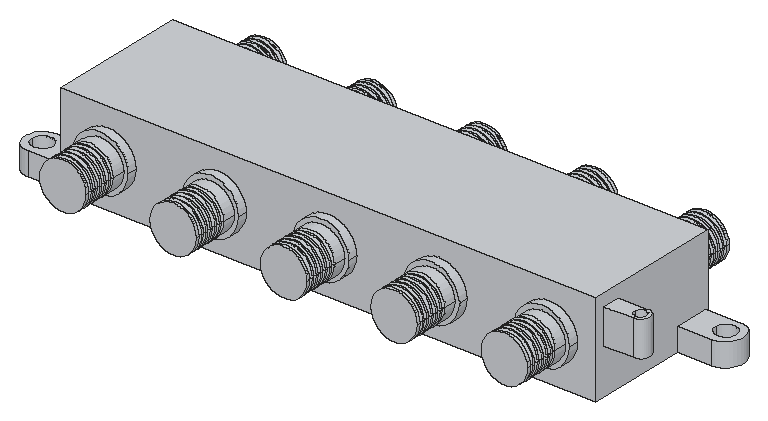
Revit family "Derivador 815-820-825", category Aparatos eléctricos, Revit 2019 (continued)
Lines and regions (mm)
  model lines, detail levels fine
    curve 758: line (-31.117, -5.227, 20) -> (-32.451, -5.227, 20)
    curve 759: arc (-32.451, -5.227, 20) -> (-32.921, -5.086, 20) -> (-33.094, -4.626, 20) r 0.552
    curve 760: line (-33.094, -4.626, 20) -> (-33.094, -2.467, 20)
    curve 761: line (-33.094, -2.467, 20) -> (-32.603, -2.467, 20)
    curve 762: line (-32.603, -2.467, 20) -> (-32.603, -4.41, 20)
    curve 763: spline (-33.794, -3.737, 20) -> (-33.815, -3.668, 20) -> (-33.875, -3.603, 20) -> (-33.971, -3.548, 20) -> (-34.096, -3.506, 20) -> (-34.241, -3.479, 20) -> (-34.397, -3.47, 20) -> (-34.554, -3.479, 20) -> (-34.699, -3.506, 20) -> (-34.824, -3.548, 20) -> (-34.92, -3.603, 20) -> (-34.98, -3.668, 20) -> (-35.001, -3.737, 20) -> (-34.98, -3.806, 20) -> (-34.92, -3.871, 20) -> (-34.824, -3.926, 20) -> (-34.699, -3.969, 20) -> (-34.554, -3.996, 20) -> (-34.397, -4.005, 20) -> (-34.241, -3.996, 20) -> (-34.096, -3.969, 20) -> (-33.971, -3.926, 20) -> (-33.875, -3.871, 20) -> (-33.815, -3.806, 20) -> (-33.794, -3.737, 20)
    curve 764: line (-33.427, -4.746, 20) -> (-33.427, -5.227, 20)
    curve 765: line (-31.117, -4.698, 20) -> (-32.306, -4.698, 20)
    curve 766: arc (-32.306, -4.698, 20) -> (-32.513, -4.614, 20) -> (-32.603, -4.41, 20) r 0.296
    curve 767: line (-31.117, -5.227, 20) -> (-31.117, -4.698, 20)
    curve 806: line (24.699, -9.022, 20) -> (24.139, -9.022, 20)
    curve 807: line (22.855, -8.289, 20) -> (22.512, -9.022, 20)
    curve 808: line (22.018, -9.022, 20) -> (22.931, -7.028, 20)
    curve 809: arc (22.931, -7.028, 20) -> (23.349, -6.757, 20) -> (23.771, -7.021, 20) r 0.463
    curve 810: line (23.771, -7.021, 20) -> (24.699, -9.022, 20)
    curve 811: line (22.512, -9.022, 20) -> (22.018, -9.022, 20)
    curve 812: arc (23.552, -7.45, 20) -> (23.399, -7.344, 20) -> (23.247, -7.45, 20) r 0.163
    curve 813: line (25.561, -8.183, 20) -> (25.561, -8.982, 20)
    curve 814: line (25.561, -8.982, 20) -> (25.163, -8.982, 20)
    curve 815: line (25.163, -8.982, 20) -> (25.163, -7.768, 20)
    curve 816: line (25.163, -7.768, 20) -> (26.358, -7.768, 20)
    curve 817: arc (26.358, -7.768, 20) -> (26.605, -7.522, 20) -> (26.358, -7.275, 20) r 0.246
    curve 818: line (26.358, -7.275, 20) -> (25.163, -7.275, 20)
    curve 819: line (25.163, -7.275, 20) -> (25.163, -6.861, 20)
    curve 820: line (25.163, -6.861, 20) -> (26.408, -6.861, 20)
    curve 821: line (25.561, -8.183, 20) -> (26.408, -8.183, 20)
    curve 845: line (23.824, -8.173, 20) -> (23.552, -7.45, 20)
    curve 856: line (22.489, -9.022, 20) -> (21.93, -9.022, 20)
    curve 857: line (20.645, -8.289, 20) -> (20.303, -9.022, 20)
    curve 858: line (19.809, -9.022, 20) -> (20.722, -7.028, 20)
    curve 859: arc (20.722, -7.028, 20) -> (21.14, -6.757, 20) -> (21.562, -7.021, 20) r 0.463
    curve 860: line (21.562, -7.021, 20) -> (22.489, -9.022, 20)
    curve 861: line (20.303, -9.022, 20) -> (19.809, -9.022, 20)
    curve 862: arc (21.342, -7.45, 20) -> (21.19, -7.344, 20) -> (21.037, -7.45, 20) r 0.163
    curve 863: line (23.351, -8.183, 20) -> (23.351, -8.982, 20)
    curve 864: line (23.351, -8.982, 20) -> (22.953, -8.982, 20)
    curve 865: line (22.953, -8.982, 20) -> (22.953, -7.768, 20)
    curve 866: line (22.953, -7.768, 20) -> (24.149, -7.768, 20)
    curve 867: arc (24.149, -7.768, 20) -> (24.395, -7.522, 20) -> (24.149, -7.275, 20) r 0.246
    curve 868: line (24.149, -7.275, 20) -> (22.953, -7.275, 20)
    curve 869: line (22.953, -7.275, 20) -> (22.953, -6.861, 20)
    curve 870: line (22.953, -6.861, 20) -> (24.199, -6.861, 20)
    curve 871: line (23.351, -8.183, 20) -> (24.199, -8.183, 20)
    curve 893: line (21.615, -8.173, 20) -> (21.342, -7.45, 20)
    curve 904: line (48.449, -9.022, 20) -> (47.889, -9.022, 20)
    curve 905: line (46.605, -8.289, 20) -> (46.262, -9.022, 20)
    curve 906: line (45.768, -9.022, 20) -> (46.681, -7.028, 20)
    curve 907: arc (46.681, -7.028, 20) -> (47.099, -6.757, 20) -> (47.521, -7.021, 20) r 0.463
    curve 908: line (47.521, -7.021, 20) -> (48.449, -9.022, 20)
    curve 909: line (46.262, -9.022, 20) -> (45.768, -9.022, 20)
    curve 910: arc (47.302, -7.45, 20) -> (47.149, -7.344, 20) -> (46.997, -7.45, 20) r 0.163
    curve 911: line (49.311, -8.183, 20) -> (49.311, -8.982, 20)
    curve 912: line (49.311, -8.982, 20) -> (48.913, -8.982, 20)
    curve 913: line (48.913, -8.982, 20) -> (48.913, -7.768, 20)
    curve 914: line (48.913, -7.768, 20) -> (50.108, -7.768, 20)
    curve 915: arc (50.108, -7.768, 20) -> (50.355, -7.522, 20) -> (50.108, -7.275, 20) r 0.246
    curve 916: line (50.108, -7.275, 20) -> (48.913, -7.275, 20)
    curve 917: line (48.913, -7.275, 20) -> (48.913, -6.861, 20)
    curve 918: line (48.913, -6.861, 20) -> (50.158, -6.861, 20)
    curve 919: line (49.311, -8.183, 20) -> (50.158, -8.183, 20)
    curve 941: line (47.574, -8.173, 20) -> (47.302, -7.45, 20)
    curve 952: line (-22.801, -9.022, 20) -> (-23.361, -9.022, 20)
    curve 953: line (-24.645, -8.289, 20) -> (-24.988, -9.022, 20)
    curve 954: line (-25.482, -9.022, 20) -> (-24.569, -7.028, 20)
    curve 955: arc (-24.569, -7.028, 20) -> (-24.151, -6.757, 20) -> (-23.729, -7.021, 20) r 0.463
    curve 956: line (-23.729, -7.021, 20) -> (-22.801, -9.022, 20)
    curve 957: line (-24.988, -9.022, 20) -> (-25.482, -9.022, 20)
    curve 958: arc (-23.948, -7.45, 20) -> (-24.101, -7.344, 20) -> (-24.253, -7.45, 20) r 0.163
    curve 959: line (-21.939, -8.183, 20) -> (-21.939, -8.982, 20)
    curve 960: line (-21.939, -8.982, 20) -> (-22.337, -8.982, 20)
    curve 961: line (-22.337, -8.982, 20) -> (-22.337, -7.768, 20)
    curve 962: line (-22.337, -7.768, 20) -> (-21.142, -7.768, 20)
    curve 963: arc (-21.142, -7.768, 20) -> (-20.895, -7.522, 20) -> (-21.142, -7.275, 20) r 0.246
    curve 964: line (-21.142, -7.275, 20) -> (-22.337, -7.275, 20)
    curve 965: line (-22.337, -7.275, 20) -> (-22.337, -6.861, 20)
    curve 966: line (-22.337, -6.861, 20) -> (-21.092, -6.861, 20)
    curve 967: line (-21.939, -8.183, 20) -> (-21.092, -8.183, 20)
    curve 989: line (-23.676, -8.173, 20) -> (-23.948, -7.45, 20)
    curve 1000: line (-46.551, -9.022, 20) -> (-47.111, -9.022, 20)
    curve 1001: line (-48.395, -8.289, 20) -> (-48.738, -9.022, 20)
    curve 1002: line (-49.232, -9.022, 20) -> (-48.319, -7.028, 20)
    curve 1003: arc (-48.319, -7.028, 20) -> (-47.901, -6.757, 20) -> (-47.479, -7.021, 20) r 0.463
    curve 1004: line (-47.479, -7.021, 20) -> (-46.551, -9.022, 20)
    curve 1005: line (-48.738, -9.022, 20) -> (-49.232, -9.022, 20)
    curve 1006: arc (-47.698, -7.45, 20) -> (-47.851, -7.344, 20) -> (-48.003, -7.45, 20) r 0.163
    curve 1007: line (-45.689, -8.183, 20) -> (-45.689, -8.982, 20)
    curve 1008: line (-45.689, -8.982, 20) -> (-46.087, -8.982, 20)
    curve 1009: line (-46.087, -8.982, 20) -> (-46.087, -7.768, 20)
    curve 1010: line (-46.087, -7.768, 20) -> (-44.892, -7.768, 20)
    curve 1011: arc (-44.892, -7.768, 20) -> (-44.645, -7.522, 20) -> (-44.892, -7.275, 20) r 0.246
    curve 1012: line (-44.892, -7.275, 20) -> (-46.087, -7.275, 20)
    curve 1013: line (-46.087, -7.275, 20) -> (-46.087, -6.861, 20)
    curve 1014: line (-46.087, -6.861, 20) -> (-44.842, -6.861, 20)
    curve 1015: line (-45.689, -8.183, 20) -> (-44.842, -8.183, 20)
    curve 1037: line (-47.426, -8.173, 20) -> (-47.698, -7.45, 20)
    curve 1048: line (24.699, 9.316, 20) -> (24.139, 9.316, 20)
    curve 1049: line (22.855, 10.049, 20) -> (22.512, 9.316, 20)
    curve 1050: line (22.018, 9.316, 20) -> (22.931, 11.31, 20)
    curve 1051: arc (22.931, 11.31, 20) -> (23.349, 11.581, 20) -> (23.771, 11.317, 20) r 0.463
    curve 1052: line (23.771, 11.317, 20) -> (24.699, 9.316, 20)
    curve 1053: line (22.512, 9.316, 20) -> (22.018, 9.316, 20)
    curve 1054: arc (23.552, 10.888, 20) -> (23.399, 10.993, 20) -> (23.247, 10.888, 20) r 0.163
    curve 1055: line (25.561, 10.155, 20) -> (25.561, 9.356, 20)
    curve 1056: line (25.561, 9.356, 20) -> (25.163, 9.356, 20)
    curve 1057: line (25.163, 9.356, 20) -> (25.163, 10.57, 20)
    curve 1058: line (25.163, 10.57, 20) -> (26.358, 10.57, 20)
    curve 1059: arc (26.358, 10.57, 20) -> (26.605, 10.816, 20) -> (26.358, 11.063, 20) r 0.246
    curve 1060: line (26.358, 11.063, 20) -> (25.163, 11.063, 20)
    curve 1061: line (25.163, 11.063, 20) -> (25.163, 11.477, 20)
    curve 1062: line (25.163, 11.477, 20) -> (26.408, 11.477, 20)
    curve 1063: line (25.561, 10.155, 20) -> (26.408, 10.155, 20)
    curve 1085: line (23.824, 10.165, 20) -> (23.552, 10.888, 20)
    curve 1096: line (48.449, 9.316, 20) -> (47.889, 9.316, 20)
    curve 1097: line (46.605, 10.049, 20) -> (46.262, 9.316, 20)
    curve 1098: line (45.768, 9.316, 20) -> (46.681, 11.31, 20)
    curve 1099: arc (46.681, 11.31, 20) -> (47.099, 11.581, 20) -> (47.521, 11.317, 20) r 0.463
    curve 1100: line (47.521, 11.317, 20) -> (48.449, 9.316, 20)
    curve 1101: line (46.262, 9.316, 20) -> (45.768, 9.316, 20)
    curve 1102: arc (47.302, 10.888, 20) -> (47.149, 10.993, 20) -> (46.997, 10.888, 20) r 0.163
    curve 1103: line (49.311, 10.155, 20) -> (49.311, 9.356, 20)
    curve 1104: line (49.311, 9.356, 20) -> (48.913, 9.356, 20)
    curve 1105: line (48.913, 9.356, 20) -> (48.913, 10.57, 20)
    curve 1106: line (48.913, 10.57, 20) -> (50.108, 10.57, 20)
    curve 1107: arc (50.108, 10.57, 20) -> (50.355, 10.816, 20) -> (50.108, 11.063, 20) r 0.246
    curve 1108: line (50.108, 11.063, 20) -> (48.913, 11.063, 20)
    curve 1109: line (48.913, 11.063, 20) -> (48.913, 11.477, 20)
    curve 1110: line (48.913, 11.477, 20) -> (50.158, 11.477, 20)
    curve 1111: line (49.311, 10.155, 20) -> (50.158, 10.155, 20)
    curve 1133: line (47.574, 10.165, 20) -> (47.302, 10.888, 20)
    curve 1144: line (-22.801, 9.316, 20) -> (-23.361, 9.316, 20)
    curve 1145: line (-24.645, 10.049, 20) -> (-24.988, 9.316, 20)
    curve 1146: line (-25.482, 9.316, 20) -> (-24.569, 11.31, 20)
    curve 1147: arc (-24.569, 11.31, 20) -> (-24.151, 11.581, 20) -> (-23.729, 11.317, 20) r 0.463
    curve 1148: line (-23.729, 11.317, 20) -> (-22.801, 9.316, 20)
    curve 1149: line (-24.988, 9.316, 20) -> (-25.482, 9.316, 20)
    curve 1150: arc (-23.948, 10.888, 20) -> (-24.101, 10.993, 20) -> (-24.253, 10.888, 20) r 0.163
    curve 1151: line (-21.939, 10.155, 20) -> (-21.939, 9.356, 20)
    curve 1152: line (-21.939, 9.356, 20) -> (-22.337, 9.356, 20)
    curve 1153: line (-22.337, 9.356, 20) -> (-22.337, 10.57, 20)
    curve 1154: line (-22.337, 10.57, 20) -> (-21.142, 10.57, 20)
    curve 1155: arc (-21.142, 10.57, 20) -> (-20.895, 10.816, 20) -> (-21.142, 11.063, 20) r 0.246
    curve 1156: line (-21.142, 11.063, 20) -> (-22.337, 11.063, 20)
    curve 1157: line (-22.337, 11.063, 20) -> (-22.337, 11.477, 20)
    curve 1158: line (-22.337, 11.477, 20) -> (-21.092, 11.477, 20)
    curve 1159: line (-21.939, 10.155, 20) -> (-21.092, 10.155, 20)
    curve 1181: line (-23.676, 10.165, 20) -> (-23.948, 10.888, 20)
    curve 1192: line (-46.551, 9.316, 20) -> (-47.111, 9.316, 20)
    curve 1193: line (-48.395, 10.049, 20) -> (-48.738, 9.316, 20)
    curve 1194: line (-49.232, 9.316, 20) -> (-48.319, 11.31, 20)
    curve 1195: arc (-48.319, 11.31, 20) -> (-47.901, 11.581, 20) -> (-47.479, 11.317, 20) r 0.463
    curve 1196: line (-47.479, 11.317, 20) -> (-46.551, 9.316, 20)
    curve 1197: line (-48.738, 9.316, 20) -> (-49.232, 9.316, 20)
    curve 1198: arc (-47.698, 10.888, 20) -> (-47.851, 10.993, 20) -> (-48.003, 10.888, 20) r 0.163
    curve 1199: line (-45.689, 10.155, 20) -> (-45.689, 9.356, 20)
    curve 1200: line (-45.689, 9.356, 20) -> (-46.087, 9.356, 20)
    curve 1201: line (-46.087, 9.356, 20) -> (-46.087, 10.57, 20)
    curve 1202: line (-46.087, 10.57, 20) -> (-44.892, 10.57, 20)
    curve 1203: arc (-44.892, 10.57, 20) -> (-44.645, 10.816, 20) -> (-44.892, 11.063, 20) r 0.246
    curve 1204: line (-44.892, 11.063, 20) -> (-46.087, 11.063, 20)
    curve 1205: line (-46.087, 11.063, 20) -> (-46.087, 11.477, 20)
    curve 1206: line (-46.087, 11.477, 20) -> (-44.842, 11.477, 20)
    curve 1207: line (-45.689, 10.155, 20) -> (-44.842, 10.155, 20)
    curve 1229: line (-47.426, 10.165, 20) -> (-47.698, 10.888, 20)
  symbolic lines, detail levels medium+fine
    curve 822: arc (26.408, -8.183, 0) -> (27.069, -7.522, 0) -> (26.408, -6.861, 0) r 0.661
    curve 843: line (22.879, -8.183, 0) -> (23.827, -8.183, 0)
    curve 844: line (22.855, -8.289, 0) -> (23.864, -8.289, 0)
    curve 846: line (23.247, -7.45, 0) -> (22.879, -8.183, 0)
    curve 847: line (24.139, -9.022, 0) -> (23.864, -8.289, 0)
    curve 872: arc (24.199, -8.183, 0) -> (24.86, -7.522, 0) -> (24.199, -6.861, 0) r 0.661
    curve 891: line (20.67, -8.183, 0) -> (21.618, -8.183, 0)
    curve 892: line (20.645, -8.289, 0) -> (21.654, -8.289, 0)
    curve 894: line (21.037, -7.45, 0) -> (20.67, -8.183, 0)
    curve 895: line (21.93, -9.022, 0) -> (21.654, -8.289, 0)
    curve 920: arc (50.158, -8.183, 0) -> (50.819, -7.522, 0) -> (50.158, -6.861, 0) r 0.661
    curve 939: line (46.629, -8.183, 0) -> (47.577, -8.183, 0)
    curve 940: line (46.605, -8.289, 0) -> (47.614, -8.289, 0)
    curve 942: line (46.997, -7.45, 0) -> (46.629, -8.183, 0)
    curve 943: line (47.889, -9.022, 0) -> (47.614, -8.289, 0)
    curve 968: arc (-21.092, -8.183, 0) -> (-20.431, -7.522, 0) -> (-21.092, -6.861, 0) r 0.661
    curve 987: line (-24.621, -8.183, 0) -> (-23.673, -8.183, 0)
    curve 988: line (-24.645, -8.289, 0) -> (-23.636, -8.289, 0)
    curve 990: line (-24.253, -7.45, 0) -> (-24.621, -8.183, 0)
    curve 991: line (-23.361, -9.022, 0) -> (-23.636, -8.289, 0)
    curve 1016: arc (-44.842, -8.183, 0) -> (-44.181, -7.522, 0) -> (-44.842, -6.861, 0) r 0.661
    curve 1035: line (-48.371, -8.183, 0) -> (-47.423, -8.183, 0)
    curve 1036: line (-48.395, -8.289, 0) -> (-47.386, -8.289, 0)
    curve 1038: line (-48.003, -7.45, 0) -> (-48.371, -8.183, 0)
    curve 1039: line (-47.111, -9.022, 0) -> (-47.386, -8.289, 0)
    curve 1064: arc (26.408, 10.155, 0) -> (27.069, 10.816, 0) -> (26.408, 11.477, 0) r 0.661
    curve 1083: line (22.879, 10.155, 0) -> (23.827, 10.155, 0)
    curve 1084: line (22.855, 10.049, 0) -> (23.864, 10.049, 0)
    curve 1086: line (23.247, 10.888, 0) -> (22.879, 10.155, 0)
    curve 1087: line (24.139, 9.316, 0) -> (23.864, 10.049, 0)
    curve 1112: arc (50.158, 10.155, 0) -> (50.819, 10.816, 0) -> (50.158, 11.477, 0) r 0.661
    curve 1131: line (46.629, 10.155, 0) -> (47.577, 10.155, 0)
    curve 1132: line (46.605, 10.049, 0) -> (47.614, 10.049, 0)
    curve 1134: line (46.997, 10.888, 0) -> (46.629, 10.155, 0)
    curve 1135: line (47.889, 9.316, 0) -> (47.614, 10.049, 0)
    curve 1160: arc (-21.092, 10.155, 0) -> (-20.431, 10.816, 0) -> (-21.092, 11.477, 0) r 0.661
    curve 1179: line (-24.621, 10.155, 0) -> (-23.673, 10.155, 0)
    curve 1180: line (-24.645, 10.049, 0) -> (-23.636, 10.049, 0)
    curve 1182: line (-24.253, 10.888, 0) -> (-24.621, 10.155, 0)
    curve 1183: line (-23.361, 9.316, 0) -> (-23.636, 10.049, 0)
    curve 1208: arc (-44.842, 10.155, 0) -> (-44.181, 10.816, 0) -> (-44.842, 11.477, 0) r 0.661
    curve 1227: line (-48.371, 10.155, 0) -> (-47.423, 10.155, 0)
    curve 1228: line (-48.395, 10.049, 0) -> (-47.386, 10.049, 0)
    curve 1230: line (-48.003, 10.888, 0) -> (-48.371, 10.155, 0)
    curve 1231: line (-47.111, 9.316, 0) -> (-47.386, 10.049, 0)
  symbolic lines
    curve 841: line (20.279, -1008.236, 0) -> (21.247, -1008.236, 0)
    curve 842: line (20.279, 991.764, 0) -> (21.247, 991.764, 0)
Dimensions and locks
  "Largo": plane 4 "Centro I/E" to plane 5 "Centro I/F"
  equal spacing: plane 7 "Centro I/H", plane 1 "Centro (Frontal/Posterior)", plane 6 "Centro I/G"
  "Altura": plane 7 "Centro I/H" to plane 6 "Centro I/G"
  equal spacing: plane 4 "Centro I/E", plane 3 "Centro (Izquierda/Derecha)", plane 5 "Centro I/F"
  "Conector": plane 8 "Centro I/K" to plane 7 "Centro I/H"
  equal spacing: group 2, group 4, group 15, group 16, group 3  (x3)
  locked: plane 4 "Centro I/E" to Extrusion 5 at 4
  locked: Extrusion 7 to plane 5 "Centro I/F" at 4
  "Conector": Extrusion 16 to Extrusion 1
  "Conector": Extrusion 1 to Extrusion 12
  "Conector": Extrusion 1 to Extrusion 13
  "Conector": Extrusion 42 to Extrusion 1
  locked: Extrusion 1 to Extrusion 42 at 4
  equal spacing: group 11, group 14, group 17, group 18, group 13  (x2)
  equal spacing: group 13, group 18, group 17, group 14, group 11
  locked: Extrusion 58 to Extrusion 1 at 4
  locked: plane 4 "Centro I/E" to plane 10 "Centro I/S" at 1.5
  aligned and locked: level to plane 2
  aligned and locked: Extrusion 5 to plane 8 "Centro I/K"
  aligned and locked: Extrusion 9 to Extrusion 1
Automatic sketch dimensions
  Extrusion 12 sketch curve to Extrusion 12 sketch curve = 0.00 mm  (x4)
  Extrusion 12 sketch curve to Extrusion 12 sketch curve = 6.519 mm
  Extrusion 12 sketch curve to Extrusion 12 sketch curve = 1.956 mm
  Extrusion 13 sketch curve to Extrusion 13 sketch curve = 0.00 mm  (x4)
  Extrusion 13 sketch curve to Extrusion 13 sketch curve = 7.50 mm
  Extrusion 13 sketch curve to Extrusion 13 sketch curve = 3.75 mm
  Extrusion 14 sketch curve to Extrusion 14 sketch curve = 0.00 mm  (x4)
  Extrusion 14 sketch curve to Extrusion 14 sketch curve = 7.50 mm
  Extrusion 14 sketch curve to Extrusion 14 sketch curve = 3.75 mm
  Extrusion 15 sketch curve to Extrusion 15 sketch curve = 0.00 mm  (x4)
  Extrusion 15 sketch curve to Extrusion 15 sketch curve = 6.519 mm
  Extrusion 15 sketch curve to Extrusion 15 sketch curve = 1.956 mm
  Extrusion 16 sketch curve to Extrusion 16 sketch curve = 0.00 mm  (x4)
  Extrusion 16 sketch curve to Extrusion 16 sketch curve = 7.50 mm
  Extrusion 16 sketch curve to Extrusion 16 sketch curve = 3.75 mm
  Revolve 17 sketch curve to Revolve 17 sketch curve = 0.79 mm
  Revolve 17 sketch curve to Revolve 17 sketch curve = 0.456 mm
  Revolve 17 sketch curve to Revolve 17 sketch curve = 0.912 mm
  Revolve 17 sketch curve to Revolve 17 sketch curve = 5.00 mm
  Revolve 17 sketch curve to Revolve 17 sketch curve = 0.97 mm
  Revolve 17 sketch curve to Revolve 17 sketch curve = 10.574 mm
  Revolve 21 sketch curve to Revolve 21 sketch curve = 0.79 mm
  Revolve 21 sketch curve to Revolve 21 sketch curve = 0.456 mm
  Revolve 21 sketch curve to Revolve 21 sketch curve = 0.912 mm
  Revolve 21 sketch curve to Revolve 21 sketch curve = 5.00 mm
  Revolve 21 sketch curve to Revolve 21 sketch curve = 2.082 mm
  Revolve 21 sketch curve to Revolve 21 sketch curve = 9.461 mm
  Revolve 25 sketch curve to Revolve 25 sketch curve = 0.79 mm  (x2)
  Revolve 25 sketch curve to Revolve 25 sketch curve = 0.456 mm  (x2)
  Revolve 25 sketch curve to Revolve 25 sketch curve = 0.912 mm  (x2)
  Revolve 25 sketch curve to Revolve 25 sketch curve = 5.00 mm  (x2)
  Revolve 25 sketch curve to Revolve 25 sketch curve = 3.282 mm  (x2)
  Revolve 25 sketch curve to Revolve 25 sketch curve = 8.261 mm  (x2)
  Revolve 26 sketch curve to Revolve 26 sketch curve = 0.79 mm  (x2)
  Revolve 26 sketch curve to Revolve 26 sketch curve = 0.456 mm  (x2)
  Revolve 26 sketch curve to Revolve 26 sketch curve = 0.912 mm  (x2)
  Revolve 26 sketch curve to Revolve 26 sketch curve = 4.21 mm  (x2)
  Revolve 26 sketch curve to Revolve 26 sketch curve = 4.482 mm  (x2)
  Revolve 26 sketch curve to Revolve 26 sketch curve = 5.518 mm  (x2)
  Revolve 27 sketch curve to Revolve 27 sketch curve = 0.79 mm  (x2)
  Revolve 27 sketch curve to Revolve 27 sketch curve = 0.456 mm  (x2)
  Revolve 27 sketch curve to Revolve 27 sketch curve = 0.912 mm  (x2)
  Revolve 27 sketch curve to Revolve 27 sketch curve = 4.21 mm  (x2)
  Revolve 27 sketch curve to Revolve 27 sketch curve = 5.682 mm  (x2)
  Revolve 27 sketch curve to Revolve 27 sketch curve = 4.318 mm  (x2)
  Revolve 28 sketch curve to Revolve 28 sketch curve = 0.79 mm  (x2)
  Revolve 28 sketch curve to Revolve 28 sketch curve = 0.456 mm  (x2)
  Revolve 28 sketch curve to Revolve 28 sketch curve = 0.912 mm  (x2)
  Revolve 28 sketch curve to Revolve 28 sketch curve = 4.21 mm  (x2)
  Revolve 28 sketch curve to Revolve 28 sketch curve = 6.882 mm  (x2)
  Revolve 28 sketch curve to Revolve 28 sketch curve = 3.118 mm  (x2)
  Revolve 18 sketch curve to Revolve 18 sketch curve = 0.79 mm
  Revolve 18 sketch curve to Revolve 18 sketch curve = 0.456 mm
  Revolve 18 sketch curve to Revolve 18 sketch curve = 0.912 mm
  Revolve 18 sketch curve to Revolve 18 sketch curve = 5.00 mm
  Revolve 18 sketch curve to Revolve 18 sketch curve = 0.97 mm
  Revolve 18 sketch curve to Revolve 18 sketch curve = 10.574 mm
  Revolve 22 sketch curve to Revolve 22 sketch curve = 0.79 mm
  Revolve 22 sketch curve to Revolve 22 sketch curve = 0.456 mm
  Revolve 22 sketch curve to Revolve 22 sketch curve = 0.912 mm
  Revolve 22 sketch curve to Revolve 22 sketch curve = 5.00 mm
  Revolve 22 sketch curve to Revolve 22 sketch curve = 2.082 mm
  Revolve 22 sketch curve to Revolve 22 sketch curve = 9.461 mm
  Revolve 19 sketch curve to Revolve 19 sketch curve = 0.79 mm
  Revolve 19 sketch curve to Revolve 19 sketch curve = 0.456 mm
  Revolve 19 sketch curve to Revolve 19 sketch curve = 0.912 mm
  Revolve 19 sketch curve to Revolve 19 sketch curve = 5.00 mm
  Revolve 19 sketch curve to Revolve 19 sketch curve = 0.97 mm
  Revolve 19 sketch curve to Revolve 19 sketch curve = 10.574 mm
  Revolve 23 sketch curve to Revolve 23 sketch curve = 0.79 mm
  Revolve 23 sketch curve to Revolve 23 sketch curve = 0.456 mm
  Revolve 23 sketch curve to Revolve 23 sketch curve = 0.912 mm
  Revolve 23 sketch curve to Revolve 23 sketch curve = 5.00 mm
  Revolve 23 sketch curve to Revolve 23 sketch curve = 2.082 mm
  Revolve 23 sketch curve to Revolve 23 sketch curve = 9.461 mm
  Revolve 20 sketch curve to Revolve 20 sketch curve = 0.79 mm
  Revolve 20 sketch curve to Revolve 20 sketch curve = 0.456 mm
  Revolve 20 sketch curve to Revolve 20 sketch curve = 0.912 mm
  Revolve 20 sketch curve to Revolve 20 sketch curve = 5.00 mm
  Revolve 20 sketch curve to Revolve 20 sketch curve = 0.97 mm
  Revolve 20 sketch curve to Revolve 20 sketch curve = 10.574 mm
  Revolve 24 sketch curve to Revolve 24 sketch curve = 0.79 mm
  Revolve 24 sketch curve to Revolve 24 sketch curve = 0.456 mm
  Revolve 24 sketch curve to Revolve 24 sketch curve = 0.912 mm
  Revolve 24 sketch curve to Revolve 24 sketch curve = 5.00 mm
  Revolve 24 sketch curve to Revolve 24 sketch curve = 2.082 mm
  Revolve 24 sketch curve to Revolve 24 sketch curve = 9.461 mm
  Revolve 37 sketch curve to Revolve 37 sketch curve = 0.79 mm
  Revolve 37 sketch curve to Revolve 37 sketch curve = 0.456 mm
  Revolve 37 sketch curve to Revolve 37 sketch curve = 0.912 mm
  Revolve 37 sketch curve to Revolve 37 sketch curve = 5.00 mm
  Revolve 37 sketch curve to Revolve 37 sketch curve = 3.282 mm
  Revolve 37 sketch curve to Revolve 37 sketch curve = 8.261 mm
  Revolve 38 sketch curve to Revolve 38 sketch curve = 0.79 mm
  Revolve 38 sketch curve to Revolve 38 sketch curve = 0.456 mm
  Revolve 38 sketch curve to Revolve 38 sketch curve = 0.912 mm
  Revolve 38 sketch curve to Revolve 38 sketch curve = 4.21 mm
  Revolve 38 sketch curve to Revolve 38 sketch curve = 4.482 mm
  Revolve 38 sketch curve to Revolve 38 sketch curve = 5.518 mm
  Revolve 39 sketch curve to Revolve 39 sketch curve = 0.79 mm
  Revolve 39 sketch curve to Revolve 39 sketch curve = 0.456 mm
  Revolve 39 sketch curve to Revolve 39 sketch curve = 0.912 mm
  Revolve 39 sketch curve to Revolve 39 sketch curve = 4.21 mm
  Revolve 39 sketch curve to Revolve 39 sketch curve = 5.682 mm
  Revolve 39 sketch curve to Revolve 39 sketch curve = 4.318 mm
  Revolve 40 sketch curve to Revolve 40 sketch curve = 0.79 mm
  Revolve 40 sketch curve to Revolve 40 sketch curve = 0.456 mm
  Revolve 40 sketch curve to Revolve 40 sketch curve = 0.912 mm
  Revolve 40 sketch curve to Revolve 40 sketch curve = 4.21 mm
  Revolve 40 sketch curve to Revolve 40 sketch curve = 6.882 mm
  Revolve 40 sketch curve to Revolve 40 sketch curve = 3.118 mm
  Revolve 29 sketch curve to Revolve 29 sketch curve = 0.79 mm
  Revolve 29 sketch curve to Revolve 29 sketch curve = 0.456 mm
  Revolve 29 sketch curve to Revolve 29 sketch curve = 0.912 mm
  Revolve 29 sketch curve to Revolve 29 sketch curve = 5.00 mm
  Revolve 29 sketch curve to Revolve 29 sketch curve = 3.282 mm
  Revolve 29 sketch curve to Revolve 29 sketch curve = 8.261 mm
  Revolve 30 sketch curve to Revolve 30 sketch curve = 0.79 mm
  Revolve 30 sketch curve to Revolve 30 sketch curve = 0.456 mm
  Revolve 30 sketch curve to Revolve 30 sketch curve = 0.912 mm
  Revolve 30 sketch curve to Revolve 30 sketch curve = 4.21 mm
  Revolve 30 sketch curve to Revolve 30 sketch curve = 4.482 mm
  Revolve 30 sketch curve to Revolve 30 sketch curve = 5.518 mm
  Revolve 31 sketch curve to Revolve 31 sketch curve = 0.79 mm
  Revolve 31 sketch curve to Revolve 31 sketch curve = 0.456 mm
  Revolve 31 sketch curve to Revolve 31 sketch curve = 0.912 mm
  Revolve 31 sketch curve to Revolve 31 sketch curve = 4.21 mm
  Revolve 31 sketch curve to Revolve 31 sketch curve = 5.682 mm
  Revolve 31 sketch curve to Revolve 31 sketch curve = 4.318 mm
  Revolve 32 sketch curve to Revolve 32 sketch curve = 0.79 mm
  Revolve 32 sketch curve to Revolve 32 sketch curve = 0.456 mm
  Revolve 32 sketch curve to Revolve 32 sketch curve = 0.912 mm
  Revolve 32 sketch curve to Revolve 32 sketch curve = 4.21 mm
  Revolve 32 sketch curve to Revolve 32 sketch curve = 6.882 mm
  Revolve 32 sketch curve to Revolve 32 sketch curve = 3.118 mm
  Revolve 33 sketch curve to Revolve 33 sketch curve = 0.79 mm
  Revolve 33 sketch curve to Revolve 33 sketch curve = 0.456 mm
  Revolve 33 sketch curve to Revolve 33 sketch curve = 0.912 mm
  Revolve 33 sketch curve to Revolve 33 sketch curve = 5.00 mm
  Revolve 33 sketch curve to Revolve 33 sketch curve = 3.282 mm
  Revolve 33 sketch curve to Revolve 33 sketch curve = 8.261 mm
  Revolve 34 sketch curve to Revolve 34 sketch curve = 0.79 mm
  Revolve 34 sketch curve to Revolve 34 sketch curve = 0.456 mm
  Revolve 34 sketch curve to Revolve 34 sketch curve = 0.912 mm
  Revolve 34 sketch curve to Revolve 34 sketch curve = 4.21 mm
  Revolve 34 sketch curve to Revolve 34 sketch curve = 4.482 mm
  Revolve 34 sketch curve to Revolve 34 sketch curve = 5.518 mm
  Revolve 35 sketch curve to Revolve 35 sketch curve = 0.79 mm
  Revolve 35 sketch curve to Revolve 35 sketch curve = 0.456 mm
  Revolve 35 sketch curve to Revolve 35 sketch curve = 0.912 mm
  Revolve 35 sketch curve to Revolve 35 sketch curve = 4.21 mm
  Revolve 35 sketch curve to Revolve 35 sketch curve = 5.682 mm
  Revolve 35 sketch curve to Revolve 35 sketch curve = 4.318 mm
  Revolve 36 sketch curve to Revolve 36 sketch curve = 0.79 mm
  Revolve 36 sketch curve to Revolve 36 sketch curve = 0.456 mm
  Revolve 36 sketch curve to Revolve 36 sketch curve = 0.912 mm
  Revolve 36 sketch curve to Revolve 36 sketch curve = 4.21 mm
  Revolve 36 sketch curve to Revolve 36 sketch curve = 6.882 mm
  Revolve 36 sketch curve to Revolve 36 sketch curve = 3.118 mm
  Revolve 43 sketch curve to Revolve 43 sketch curve = 0.79 mm
  Revolve 43 sketch curve to Revolve 43 sketch curve = 0.456 mm
  Revolve 43 sketch curve to Revolve 43 sketch curve = 0.912 mm
  Revolve 43 sketch curve to Revolve 43 sketch curve = 5.00 mm
  Revolve 43 sketch curve to Revolve 43 sketch curve = 0.97 mm
  Revolve 43 sketch curve to Revolve 43 sketch curve = 10.574 mm
  Revolve 44 sketch curve to Revolve 44 sketch curve = 0.79 mm
  Revolve 44 sketch curve to Revolve 44 sketch curve = 0.456 mm
  Revolve 44 sketch curve to Revolve 44 sketch curve = 0.912 mm
  Revolve 44 sketch curve to Revolve 44 sketch curve = 5.00 mm
  Revolve 44 sketch curve to Revolve 44 sketch curve = 2.082 mm
  Revolve 44 sketch curve to Revolve 44 sketch curve = 9.461 mm
  Revolve 45 sketch curve to Revolve 45 sketch curve = 0.79 mm
  Revolve 45 sketch curve to Revolve 45 sketch curve = 0.456 mm
  Revolve 46 sketch curve to Revolve 46 sketch curve = 0.79 mm
  Revolve 46 sketch curve to Revolve 46 sketch curve = 0.456 mm
  Revolve 46 sketch curve to Revolve 46 sketch curve = 4.21 mm
  Revolve 47 sketch curve to Revolve 47 sketch curve = 0.79 mm
  Revolve 47 sketch curve to Revolve 47 sketch curve = 0.456 mm
  Revolve 47 sketch curve to Revolve 47 sketch curve = 4.21 mm
  Revolve 47 sketch curve to Revolve 47 sketch curve = 4.318 mm
  Revolve 48 sketch curve to Revolve 48 sketch curve = 0.79 mm
  Revolve 48 sketch curve to Revolve 48 sketch curve = 0.456 mm
  Revolve 48 sketch curve to Revolve 48 sketch curve = 3.118 mm
  Revolve 45 sketch curve to Revolve 45 sketch curve = 0.912 mm
  Revolve 45 sketch curve to Revolve 45 sketch curve = 5.00 mm
  Revolve 45 sketch curve to Revolve 45 sketch curve = 3.282 mm
  Revolve 45 sketch curve to Revolve 45 sketch curve = 8.261 mm
  Revolve 46 sketch curve to Revolve 46 sketch curve = 0.912 mm
  Revolve 46 sketch curve to Revolve 46 sketch curve = 4.482 mm
  Revolve 46 sketch curve to Revolve 46 sketch curve = 5.518 mm
  Revolve 47 sketch curve to Revolve 47 sketch curve = 0.912 mm
  Revolve 47 sketch curve to Revolve 47 sketch curve = 5.682 mm
  Revolve 48 sketch curve to Revolve 48 sketch curve = 0.912 mm
  Revolve 48 sketch curve to Revolve 48 sketch curve = 4.21 mm
  Revolve 48 sketch curve to Revolve 48 sketch curve = 6.882 mm
  Revolve 51 sketch curve to Revolve 51 sketch curve = 0.79 mm
  Revolve 51 sketch curve to Revolve 51 sketch curve = 0.456 mm
  Revolve 51 sketch curve to Revolve 51 sketch curve = 0.912 mm
  Revolve 51 sketch curve to Revolve 51 sketch curve = 5.00 mm
  Revolve 51 sketch curve to Revolve 51 sketch curve = 0.97 mm
  Revolve 51 sketch curve to Revolve 51 sketch curve = 10.574 mm
  Revolve 52 sketch curve to Revolve 52 sketch curve = 0.79 mm
  Revolve 52 sketch curve to Revolve 52 sketch curve = 0.456 mm
  Revolve 52 sketch curve to Revolve 52 sketch curve = 0.912 mm
  Revolve 52 sketch curve to Revolve 52 sketch curve = 5.00 mm
  Revolve 52 sketch curve to Revolve 52 sketch curve = 2.082 mm
  Revolve 52 sketch curve to Revolve 52 sketch curve = 9.461 mm
  Revolve 53 sketch curve to Revolve 53 sketch curve = 0.79 mm
  Revolve 53 sketch curve to Revolve 53 sketch curve = 0.456 mm
  Revolve 54 sketch curve to Revolve 54 sketch curve = 0.79 mm
  Revolve 54 sketch curve to Revolve 54 sketch curve = 0.456 mm
  Revolve 54 sketch curve to Revolve 54 sketch curve = 4.21 mm
  Revolve 55 sketch curve to Revolve 55 sketch curve = 0.79 mm
  Revolve 55 sketch curve to Revolve 55 sketch curve = 0.456 mm
  Revolve 55 sketch curve to Revolve 55 sketch curve = 4.21 mm
  Revolve 55 sketch curve to Revolve 55 sketch curve = 4.318 mm
  Revolve 56 sketch curve to Revolve 56 sketch curve = 0.79 mm
  Revolve 56 sketch curve to Revolve 56 sketch curve = 0.456 mm
  Revolve 56 sketch curve to Revolve 56 sketch curve = 3.118 mm
  Revolve 53 sketch curve to Revolve 53 sketch curve = 0.912 mm
  Revolve 53 sketch curve to Revolve 53 sketch curve = 5.00 mm
  Revolve 53 sketch curve to Revolve 53 sketch curve = 3.282 mm
  Revolve 53 sketch curve to Revolve 53 sketch curve = 8.261 mm
  Revolve 54 sketch curve to Revolve 54 sketch curve = 0.912 mm
  Revolve 54 sketch curve to Revolve 54 sketch curve = 4.482 mm
  Revolve 54 sketch curve to Revolve 54 sketch curve = 5.518 mm
  Revolve 55 sketch curve to Revolve 55 sketch curve = 0.912 mm
  Revolve 55 sketch curve to Revolve 55 sketch curve = 5.682 mm
  Revolve 56 sketch curve to Revolve 56 sketch curve = 0.912 mm
  Revolve 56 sketch curve to Revolve 56 sketch curve = 4.21 mm
  Revolve 56 sketch curve to Revolve 56 sketch curve = 6.882 mm
  Extrusion 1 sketch curve to plane 4 "Centro I/E" = 0.00 mm
  Extrusion 1 sketch curve to plane 5 "Centro I/F" = 0.00 mm
  plane 7 "Centro I/H" to Extrusion 1 sketch curve = 0.00 mm
  plane 6 "Centro I/G" to Extrusion 1 sketch curve = 0.00 mm
  curve 1 to curve 2 = 3.75 mm
  curve 1 to curve 1 = 7.50 mm
  curve 3 to curve 1 = 0.00 mm
  curve 4 to curve 5 = 3.75 mm
  curve 4 to curve 4 = 7.50 mm
  curve 6 to curve 4 = 0.00 mm
  curve 7 to curve 8 = 3.75 mm
  curve 7 to curve 7 = 7.50 mm
  curve 9 to curve 7 = 0.00 mm
  Revolve 59 sketch curve to Revolve 59 sketch curve = 0.79 mm
  Revolve 59 sketch curve to Revolve 59 sketch curve = 0.456 mm
  Revolve 59 sketch curve to Revolve 59 sketch curve = 0.912 mm
  Revolve 59 sketch curve to Revolve 59 sketch curve = 5.00 mm
  Revolve 59 sketch curve to Revolve 59 sketch curve = 0.97 mm
  Revolve 59 sketch curve to Revolve 59 sketch curve = 10.574 mm
  Revolve 60 sketch curve to Revolve 60 sketch curve = 0.79 mm
  Revolve 60 sketch curve to Revolve 60 sketch curve = 0.456 mm
  Revolve 60 sketch curve to Revolve 60 sketch curve = 0.912 mm
  Revolve 60 sketch curve to Revolve 60 sketch curve = 5.00 mm
  Revolve 60 sketch curve to Revolve 60 sketch curve = 2.082 mm
  Revolve 60 sketch curve to Revolve 60 sketch curve = 9.461 mm
  Revolve 61 sketch curve to Revolve 61 sketch curve = 0.79 mm
  Revolve 61 sketch curve to Revolve 61 sketch curve = 0.456 mm
  Revolve 62 sketch curve to Revolve 62 sketch curve = 0.79 mm
  Revolve 62 sketch curve to Revolve 62 sketch curve = 0.456 mm
  Revolve 62 sketch curve to Revolve 62 sketch curve = 4.21 mm
  Revolve 63 sketch curve to Revolve 63 sketch curve = 0.79 mm
  Revolve 63 sketch curve to Revolve 63 sketch curve = 0.456 mm
  Revolve 63 sketch curve to Revolve 63 sketch curve = 4.21 mm
  Revolve 63 sketch curve to Revolve 63 sketch curve = 4.318 mm
  Revolve 64 sketch curve to Revolve 64 sketch curve = 0.79 mm
  Revolve 64 sketch curve to Revolve 64 sketch curve = 0.456 mm
  Revolve 64 sketch curve to Revolve 64 sketch curve = 3.118 mm
  Revolve 61 sketch curve to Revolve 61 sketch curve = 0.912 mm
  Revolve 61 sketch curve to Revolve 61 sketch curve = 5.00 mm
  Revolve 61 sketch curve to Revolve 61 sketch curve = 3.282 mm
  Revolve 61 sketch curve to Revolve 61 sketch curve = 8.261 mm
  Revolve 62 sketch curve to Revolve 62 sketch curve = 0.912 mm
  Revolve 62 sketch curve to Revolve 62 sketch curve = 4.482 mm
  Revolve 62 sketch curve to Revolve 62 sketch curve = 5.518 mm
  Revolve 63 sketch curve to Revolve 63 sketch curve = 0.912 mm
  Revolve 63 sketch curve to Revolve 63 sketch curve = 5.682 mm
  Revolve 64 sketch curve to Revolve 64 sketch curve = 0.912 mm
  Revolve 64 sketch curve to Revolve 64 sketch curve = 4.21 mm
  Revolve 64 sketch curve to Revolve 64 sketch curve = 6.882 mm
  Revolve 67 sketch curve to Revolve 67 sketch curve = 0.79 mm
  Revolve 67 sketch curve to Revolve 67 sketch curve = 0.456 mm
  Revolve 67 sketch curve to Revolve 67 sketch curve = 0.912 mm
  Revolve 67 sketch curve to Revolve 67 sketch curve = 5.00 mm
  Revolve 67 sketch curve to Revolve 67 sketch curve = 0.97 mm
  Revolve 67 sketch curve to Revolve 67 sketch curve = 10.574 mm
  Revolve 68 sketch curve to Revolve 68 sketch curve = 0.79 mm
  Revolve 68 sketch curve to Revolve 68 sketch curve = 0.456 mm
  Revolve 68 sketch curve to Revolve 68 sketch curve = 0.912 mm
  Revolve 68 sketch curve to Revolve 68 sketch curve = 5.00 mm
  Revolve 68 sketch curve to Revolve 68 sketch curve = 2.082 mm
  Revolve 68 sketch curve to Revolve 68 sketch curve = 9.461 mm
  Revolve 69 sketch curve to Revolve 69 sketch curve = 0.79 mm
  Revolve 69 sketch curve to Revolve 69 sketch curve = 0.456 mm
  Revolve 70 sketch curve to Revolve 70 sketch curve = 0.79 mm
  Revolve 70 sketch curve to Revolve 70 sketch curve = 0.456 mm
  Revolve 70 sketch curve to Revolve 70 sketch curve = 4.21 mm
  Revolve 71 sketch curve to Revolve 71 sketch curve = 0.79 mm
  Revolve 71 sketch curve to Revolve 71 sketch curve = 0.456 mm
  Revolve 71 sketch curve to Revolve 71 sketch curve = 4.21 mm
  Revolve 71 sketch curve to Revolve 71 sketch curve = 4.318 mm
  Revolve 72 sketch curve to Revolve 72 sketch curve = 0.79 mm
  Revolve 72 sketch curve to Revolve 72 sketch curve = 0.456 mm
  Revolve 72 sketch curve to Revolve 72 sketch curve = 3.118 mm
  Revolve 69 sketch curve to Revolve 69 sketch curve = 0.912 mm
  Revolve 69 sketch curve to Revolve 69 sketch curve = 5.00 mm
  Revolve 69 sketch curve to Revolve 69 sketch curve = 3.282 mm
  Revolve 69 sketch curve to Revolve 69 sketch curve = 8.261 mm
  Revolve 70 sketch curve to Revolve 70 sketch curve = 0.912 mm
  Revolve 70 sketch curve to Revolve 70 sketch curve = 4.482 mm
  Revolve 70 sketch curve to Revolve 70 sketch curve = 5.518 mm
  Revolve 71 sketch curve to Revolve 71 sketch curve = 0.912 mm
  Revolve 71 sketch curve to Revolve 71 sketch curve = 5.682 mm
  Revolve 72 sketch curve to Revolve 72 sketch curve = 0.912 mm
  Revolve 72 sketch curve to Revolve 72 sketch curve = 4.21 mm
  Revolve 72 sketch curve to Revolve 72 sketch curve = 6.882 mm
  Revolve 75 sketch curve to Revolve 75 sketch curve = 0.79 mm
  Revolve 75 sketch curve to Revolve 75 sketch curve = 0.456 mm
  Revolve 75 sketch curve to Revolve 75 sketch curve = 0.912 mm
  Revolve 75 sketch curve to Revolve 75 sketch curve = 5.00 mm
  Revolve 75 sketch curve to Revolve 75 sketch curve = 0.97 mm
  Revolve 75 sketch curve to Revolve 75 sketch curve = 10.574 mm
  Revolve 76 sketch curve to Revolve 76 sketch curve = 0.79 mm
  Revolve 76 sketch curve to Revolve 76 sketch curve = 0.456 mm
  Revolve 76 sketch curve to Revolve 76 sketch curve = 0.912 mm
  Revolve 76 sketch curve to Revolve 76 sketch curve = 5.00 mm
  Revolve 76 sketch curve to Revolve 76 sketch curve = 2.082 mm
  Revolve 76 sketch curve to Revolve 76 sketch curve = 9.461 mm
  Revolve 77 sketch curve to Revolve 77 sketch curve = 0.79 mm  (x2)
  Revolve 77 sketch curve to Revolve 77 sketch curve = 0.456 mm  (x2)
  Revolve 77 sketch curve to Revolve 77 sketch curve = 0.912 mm  (x2)
  Revolve 77 sketch curve to Revolve 77 sketch curve = 5.00 mm  (x2)
  Revolve 77 sketch curve to Revolve 77 sketch curve = 3.282 mm  (x2)
  Revolve 77 sketch curve to Revolve 77 sketch curve = 8.261 mm  (x2)
  Revolve 78 sketch curve to Revolve 78 sketch curve = 0.79 mm  (x2)
  Revolve 78 sketch curve to Revolve 78 sketch curve = 0.456 mm  (x2)
  Revolve 78 sketch curve to Revolve 78 sketch curve = 0.912 mm  (x2)
  Revolve 78 sketch curve to Revolve 78 sketch curve = 4.21 mm  (x2)
  Revolve 78 sketch curve to Revolve 78 sketch curve = 4.482 mm  (x2)
  Revolve 78 sketch curve to Revolve 78 sketch curve = 5.518 mm  (x2)
  Revolve 79 sketch curve to Revolve 79 sketch curve = 0.79 mm  (x2)
  Revolve 79 sketch curve to Revolve 79 sketch curve = 0.456 mm  (x2)
  Revolve 79 sketch curve to Revolve 79 sketch curve = 0.912 mm  (x2)
  Revolve 79 sketch curve to Revolve 79 sketch curve = 4.21 mm  (x2)
  Revolve 79 sketch curve to Revolve 79 sketch curve = 5.682 mm  (x2)
  Revolve 79 sketch curve to Revolve 79 sketch curve = 4.318 mm  (x2)
  Revolve 80 sketch curve to Revolve 80 sketch curve = 0.79 mm  (x2)
  Revolve 80 sketch curve to Revolve 80 sketch curve = 0.456 mm  (x2)
  Revolve 80 sketch curve to Revolve 80 sketch curve = 0.912 mm  (x2)
  Revolve 80 sketch curve to Revolve 80 sketch curve = 4.21 mm  (x2)
  Revolve 80 sketch curve to Revolve 80 sketch curve = 6.882 mm  (x2)
  Revolve 80 sketch curve to Revolve 80 sketch curve = 3.118 mm  (x2)
  Revolve 83 sketch curve to Revolve 83 sketch curve = 0.79 mm
  Revolve 83 sketch curve to Revolve 83 sketch curve = 0.456 mm
  Revolve 83 sketch curve to Revolve 83 sketch curve = 0.912 mm
  Revolve 83 sketch curve to Revolve 83 sketch curve = 5.00 mm
  Revolve 83 sketch curve to Revolve 83 sketch curve = 0.97 mm
  Revolve 83 sketch curve to Revolve 83 sketch curve = 10.574 mm
  Revolve 84 sketch curve to Revolve 84 sketch curve = 0.79 mm
  Revolve 84 sketch curve to Revolve 84 sketch curve = 0.456 mm
  Revolve 84 sketch curve to Revolve 84 sketch curve = 0.912 mm
  Revolve 84 sketch curve to Revolve 84 sketch curve = 5.00 mm
  Revolve 84 sketch curve to Revolve 84 sketch curve = 2.082 mm
  Revolve 84 sketch curve to Revolve 84 sketch curve = 9.461 mm
  Revolve 85 sketch curve to Revolve 85 sketch curve = 0.79 mm  (x2)
  Revolve 85 sketch curve to Revolve 85 sketch curve = 0.456 mm  (x2)
  Revolve 85 sketch curve to Revolve 85 sketch curve = 0.912 mm  (x2)
  Revolve 85 sketch curve to Revolve 85 sketch curve = 5.00 mm  (x2)
  Revolve 85 sketch curve to Revolve 85 sketch curve = 3.282 mm  (x2)
  Revolve 85 sketch curve to Revolve 85 sketch curve = 8.261 mm  (x2)
  Revolve 86 sketch curve to Revolve 86 sketch curve = 0.79 mm  (x2)
  Revolve 86 sketch curve to Revolve 86 sketch curve = 0.456 mm  (x2)
  Revolve 86 sketch curve to Revolve 86 sketch curve = 0.912 mm  (x2)
  Revolve 86 sketch curve to Revolve 86 sketch curve = 4.21 mm  (x2)
  Revolve 86 sketch curve to Revolve 86 sketch curve = 4.482 mm  (x2)
  Revolve 86 sketch curve to Revolve 86 sketch curve = 5.518 mm  (x2)
  Revolve 87 sketch curve to Revolve 87 sketch curve = 0.79 mm  (x2)
  Revolve 87 sketch curve to Revolve 87 sketch curve = 0.456 mm  (x2)
  Revolve 87 sketch curve to Revolve 87 sketch curve = 0.912 mm  (x2)
  Revolve 87 sketch curve to Revolve 87 sketch curve = 4.21 mm  (x2)
  Revolve 87 sketch curve to Revolve 87 sketch curve = 5.682 mm  (x2)
  Revolve 87 sketch curve to Revolve 87 sketch curve = 4.318 mm  (x2)
  Revolve 88 sketch curve to Revolve 88 sketch curve = 0.79 mm  (x2)
  Revolve 88 sketch curve to Revolve 88 sketch curve = 0.456 mm  (x2)
  Revolve 88 sketch curve to Revolve 88 sketch curve = 0.912 mm  (x2)
  Revolve 88 sketch curve to Revolve 88 sketch curve = 4.21 mm  (x2)
  Revolve 88 sketch curve to Revolve 88 sketch curve = 6.882 mm  (x2)
  Revolve 88 sketch curve to Revolve 88 sketch curve = 3.118 mm  (x2)
  Revolve 91 sketch curve to Revolve 91 sketch curve = 0.79 mm
  Revolve 91 sketch curve to Revolve 91 sketch curve = 0.456 mm
  Revolve 91 sketch curve to Revolve 91 sketch curve = 0.912 mm
  Revolve 91 sketch curve to Revolve 91 sketch curve = 5.00 mm
  Revolve 91 sketch curve to Revolve 91 sketch curve = 0.97 mm
  Revolve 91 sketch curve to Revolve 91 sketch curve = 10.574 mm
  Revolve 92 sketch curve to Revolve 92 sketch curve = 0.79 mm
  Revolve 92 sketch curve to Revolve 92 sketch curve = 0.456 mm
  Revolve 92 sketch curve to Revolve 92 sketch curve = 0.912 mm
  Revolve 92 sketch curve to Revolve 92 sketch curve = 5.00 mm
  Revolve 92 sketch curve to Revolve 92 sketch curve = 2.082 mm
  Revolve 92 sketch curve to Revolve 92 sketch curve = 9.461 mm
  Revolve 93 sketch curve to Revolve 93 sketch curve = 0.79 mm
  Revolve 93 sketch curve to Revolve 93 sketch curve = 0.456 mm
  Revolve 94 sketch curve to Revolve 94 sketch curve = 0.79 mm
  Revolve 94 sketch curve to Revolve 94 sketch curve = 0.456 mm
  Revolve 94 sketch curve to Revolve 94 sketch curve = 4.21 mm
  Revolve 95 sketch curve to Revolve 95 sketch curve = 0.79 mm
  Revolve 95 sketch curve to Revolve 95 sketch curve = 0.456 mm
  Revolve 95 sketch curve to Revolve 95 sketch curve = 4.21 mm
  Revolve 95 sketch curve to Revolve 95 sketch curve = 4.318 mm
  Revolve 96 sketch curve to Revolve 96 sketch curve = 0.79 mm
  Revolve 96 sketch curve to Revolve 96 sketch curve = 0.456 mm
  Revolve 96 sketch curve to Revolve 96 sketch curve = 3.118 mm
  Revolve 93 sketch curve to Revolve 93 sketch curve = 0.912 mm
  Revolve 93 sketch curve to Revolve 93 sketch curve = 5.00 mm
  Revolve 93 sketch curve to Revolve 93 sketch curve = 3.282 mm
  Revolve 93 sketch curve to Revolve 93 sketch curve = 8.261 mm
  Revolve 94 sketch curve to Revolve 94 sketch curve = 0.912 mm
  Revolve 94 sketch curve to Revolve 94 sketch curve = 4.482 mm
  Revolve 94 sketch curve to Revolve 94 sketch curve = 5.518 mm
  Revolve 95 sketch curve to Revolve 95 sketch curve = 0.912 mm
  Revolve 95 sketch curve to Revolve 95 sketch curve = 5.682 mm
  Revolve 96 sketch curve to Revolve 96 sketch curve = 0.912 mm
  Revolve 96 sketch curve to Revolve 96 sketch curve = 4.21 mm
  Revolve 96 sketch curve to Revolve 96 sketch curve = 6.882 mm
  Revolve 99 sketch curve to Revolve 99 sketch curve = 0.79 mm
  Revolve 99 sketch curve to Revolve 99 sketch curve = 0.456 mm
  Revolve 99 sketch curve to Revolve 99 sketch curve = 0.912 mm
  Revolve 99 sketch curve to Revolve 99 sketch curve = 5.00 mm
  Revolve 99 sketch curve to Revolve 99 sketch curve = 0.97 mm
  Revolve 99 sketch curve to Revolve 99 sketch curve = 10.574 mm
  Revolve 100 sketch curve to Revolve 100 sketch curve = 0.79 mm
  Revolve 100 sketch curve to Revolve 100 sketch curve = 0.456 mm
  Revolve 100 sketch curve to Revolve 100 sketch curve = 0.912 mm
  Revolve 100 sketch curve to Revolve 100 sketch curve = 5.00 mm
  Revolve 100 sketch curve to Revolve 100 sketch curve = 2.082 mm
  Revolve 100 sketch curve to Revolve 100 sketch curve = 9.461 mm
  Revolve 101 sketch curve to Revolve 101 sketch curve = 0.79 mm
  Revolve 101 sketch curve to Revolve 101 sketch curve = 0.456 mm
  Revolve 102 sketch curve to Revolve 102 sketch curve = 0.79 mm
  Revolve 102 sketch curve to Revolve 102 sketch curve = 0.456 mm
  Revolve 102 sketch curve to Revolve 102 sketch curve = 4.21 mm
  Revolve 103 sketch curve to Revolve 103 sketch curve = 0.79 mm
  Revolve 103 sketch curve to Revolve 103 sketch curve = 0.456 mm
  Revolve 103 sketch curve to Revolve 103 sketch curve = 4.21 mm
  Revolve 103 sketch curve to Revolve 103 sketch curve = 4.318 mm
  Revolve 104 sketch curve to Revolve 104 sketch curve = 0.79 mm
  Revolve 104 sketch curve to Revolve 104 sketch curve = 0.456 mm
  Revolve 104 sketch curve to Revolve 104 sketch curve = 3.118 mm
  Revolve 101 sketch curve to Revolve 101 sketch curve = 0.912 mm
  Revolve 101 sketch curve to Revolve 101 sketch curve = 5.00 mm
  Revolve 101 sketch curve to Revolve 101 sketch curve = 3.282 mm
  Revolve 101 sketch curve to Revolve 101 sketch curve = 8.261 mm
  Revolve 102 sketch curve to Revolve 102 sketch curve = 0.912 mm
  Revolve 102 sketch curve to Revolve 102 sketch curve = 4.482 mm
  Revolve 102 sketch curve to Revolve 102 sketch curve = 5.518 mm
  Revolve 103 sketch curve to Revolve 103 sketch curve = 0.912 mm
  Revolve 103 sketch curve to Revolve 103 sketch curve = 5.682 mm
  Revolve 104 sketch curve to Revolve 104 sketch curve = 0.912 mm
  Revolve 104 sketch curve to Revolve 104 sketch curve = 4.21 mm
  Revolve 104 sketch curve to Revolve 104 sketch curve = 6.882 mm
  curve 10 to curve 12 = 10.00 mm
  curve 11 to curve 12 = 10.00 mm
  curve 10 to curve 10 = 10.00 mm
  curve 13 to curve 15 = 10.00 mm
  curve 14 to curve 15 = 10.00 mm
  curve 13 to curve 13 = 10.00 mm
  curve 16 to curve 18 = 10.00 mm
  curve 17 to curve 18 = 10.00 mm
  curve 16 to curve 16 = 10.00 mm
  curve 19 to curve 21 = 10.00 mm
  curve 20 to curve 21 = 10.00 mm
  curve 19 to curve 19 = 10.00 mm
  curve 22 to curve 24 = 10.00 mm
  curve 23 to curve 24 = 10.00 mm
  curve 22 to curve 22 = 10.00 mm
  curve 25 to curve 27 = 10.00 mm
  curve 26 to curve 27 = 10.00 mm
  curve 25 to curve 25 = 10.00 mm
  curve 28 to curve 30 = 10.00 mm
  curve 28 to curve 28 = 10.00 mm
  curve 30 to curve 29 = 10.00 mm
  curve 31 to curve 33 = 10.00 mm
  curve 31 to curve 31 = 10.00 mm
  curve 33 to curve 32 = 10.00 mm
  curve 34 to curve 36 = 10.00 mm
  curve 34 to curve 34 = 10.00 mm
  curve 36 to curve 35 = 10.00 mm
  curve 37 to curve 39 = 10.00 mm
  curve 37 to curve 37 = 10.00 mm
  curve 39 to curve 38 = 10.00 mm
  curve 40 to curve 42 = 10.00 mm
  curve 40 to curve 40 = 10.00 mm
  curve 42 to curve 41 = 10.00 mm
  curve 43 to curve 45 = 10.00 mm
  curve 43 to curve 43 = 10.00 mm
  curve 45 to curve 44 = 10.00 mm
  curve 47 to curve 48 = 1.956 mm
  curve 47 to curve 48 = 6.519 mm
  curve 50 to curve 51 = 1.956 mm
  curve 50 to curve 51 = 6.519 mm
  curve 306 to curve 301 = 0.00 mm
  curve 300 to curve 300 = 0.528 mm
  curve 298 to curve 297 = 0.762 mm
  curve 297 to curve 304 = 0.297 mm
  curve 303 to curve 307 = 0.066 mm
  curve 297 to curve 308 = 0.534 mm
  curve 308 to curve 296 = 0.131 mm
  curve 296 to curve 296 = 0.766 mm
  curve 307 to curve 391 = 1.141 mm
  curve 390 to curve 389 = 0.208 mm
  curve 390 to curve 392 = 0.451 mm
  curve 388 to curve 376 = 0.034 mm
  curve 309 to curve 310 = 0.555 mm
  curve 388 to curve 376 = 0.957 mm
  curve 375 to curve 310 = 0.219 mm
  curve 394 to curve 394 = 0.153 mm
  curve 394 to curve 375 = 0.047 mm
  curve 394 to curve 373 = 0.153 mm
  curve 375 to curve 374 = 0.421 mm
  curve 309 to curve 393 = 1.622 mm
  curve 374 to curve 313 = 0.892 mm
  curve 373 to curve 374 = 0.494 mm
  curve 374 to curve 363 = 0.033 mm
  curve 374 to curve 358 = 0.145 mm
  curve 363 to curve 361 = 0.253 mm
  curve 374 to curve 315 = 0.469 mm
  curve 315 to curve 314 = 0.035 mm
  curve 360 to curve 360 = 0.231 mm
  curve 313 to curve 311 = 0.544 mm
  curve 312 to curve 318 = 0.167 mm
  curve 360 to curve 359 = 0.239 mm
  curve 360 to curve 358 = 0.03 mm
  curve 358 to curve 398 = 0.262 mm
  curve 314 to curve 315 = 1.005 mm
  curve 315 to curve 316 = 0.019 mm
  curve 316 to curve 317 = 0.019 mm
  curve 317 to curve 319 = 0.521 mm
  curve 364 to curve 365 = 2.403 mm
  curve 359 to curve 359 = 1.704 mm
  curve 311 to curve 322 = 0.451 mm
  curve 316 to curve 357 = 1.04 mm
  curve 366 to curve 363 = 0.091 mm
  curve 359 to curve 401 = 0.132 mm
  curve 366 to curve 366 = 0.224 mm
  curve 363 to curve 400 = 0.186 mm
  curve 356 to curve 396 = 0.198 mm
  curve 359 to curve 395 = 0.264 mm
  curve 363 to curve 362 = 0.25 mm
  curve 397 to curve 397 = 0.079 mm
  curve 396 to curve 356 = 0.085 mm
  curve 397 to curve 353 = 0.079 mm
  curve 323 to curve 324 = 0.423 mm
  curve 366 to curve 367 = 0.265 mm
  curve 323 to curve 320 = 0.477 mm
  curve 320 to curve 323 = 0.103 mm
  curve 356 to curve 355 = 0.283 mm
  curve 323 to curve 377 = 0.078 mm
  curve 323 to curve 379 = 0.15 mm
  curve 401 to curve 370 = 0.785 mm
  curve 379 to curve 377 = 0.716 mm
  curve 400 to curve 362 = 1.428 mm
  curve 324 to curve 328 = 0.222 mm
  curve 369 to curve 399 = 0.771 mm
  curve 395 to curve 399 = 0.177 mm
  curve 372 to curve 353 = 0.184 mm
  curve 327 to curve 329 = 0.491 mm
  curve 382 to curve 326 = 0.058 mm
  curve 326 to curve 325 = 0.094 mm
  curve 353 to curve 354 = 0.215 mm
  curve 382 to curve 382 = 0.296 mm
  curve 354 to curve 355 = 0.215 mm
  curve 361 to curve 369 = 0.971 mm
  curve 372 to curve 372 = 0.687 mm
  curve 381 to curve 381 = 1.19 mm
  curve 325 to curve 386 = 0.35 mm
  curve 384 to curve 331 = 0.244 mm
  curve 384 to curve 330 = 0.487 mm
  curve 330 to curve 341 = 0.395 mm
  curve 332 to curve 333 = 0.505 mm
  curve 333 to curve 335 = 0.728 mm
  curve 335 to curve 339 = 0.096 mm
  curve 334 to curve 340 = 0.38 mm
  curve 335 to curve 337 = 0.571 mm
  curve 336 to curve 338 = 0.498 mm
  curve 337 to curve 344 = 0.342 mm
  curve 345 to curve 346 = 0.473 mm
  curve 345 to curve 345 = 0.513 mm
  curve 343 to curve 343 = 0.526 mm
  curve 343 to curve 348 = 0.167 mm
  curve 345 to curve 346 = 1.00 mm
  curve 347 to curve 347 = 0.019 mm
  curve 347 to curve 348 = 0.019 mm
  curve 348 to curve 387 = 0.521 mm
  curve 388 to curve 332 = 0.00 mm
  curve 330 to curve 332 = 0.00 mm
  curve 299 to curve 296 = 0.00 mm
  curve 332 to curve 336 = 0.00 mm
  curve 337 to curve 387 = 0.00 mm
  curve 383 to curve 384 = 0.00 mm
  curve 380 to curve 325 = 0.00 mm
  curve 311 to curve 321 = 0.054 mm
  curve 388 to curve 376 = 0.264 mm
  curve 376 to curve 374 = 0.006 mm
  curve 342 to curve 387 = 0.481 mm
  curve 311 to curve 380 = 0.481 mm
  curve 349 to curve 343 = 0.045 mm
  curve 325 to curve 381 = 0.529 mm
  curve 382 to curve 326 = 0.015 mm
  curve 319 to curve 312 = 0.063 mm
  curve 349 to curve 349 = 0.208 mm
  curve 319 to curve 318 = 0.208 mm
  curve 375 to curve 310 = 0.23 mm
  curve 394 to curve 394 = 0.057 mm
  curve 326 to curve 329 = 0.273 mm
  curve 299 to curve 298 = 1.074 mm
  curve 298 to curve 297 = 0.007 mm
  curve 297 to curve 308 = 0.047 mm
  curve 336 to curve 335 = 1.145 mm
  curve 335 to curve 339 = 0.077 mm
  curve 339 to curve 336 = 0.066 mm
  curve 326 to curve 379 = 0.852 mm
  curve 348 to curve 347 = 0.653 mm
  curve 316 to curve 316 = 0.655 mm
  curve 298 to curve 302 = 0.537 mm
  curve 323 to curve 377 = 0.071 mm
  curve 302 to curve 303 = 0.327 mm
  curve 303 to curve 307 = 0.025 mm
  curve 307 to curve 391 = 0.256 mm
  curve 340 to curve 384 = 0.066 mm
  curve 388 to curve 309 = 0.036 mm
  curve 314 to curve 393 = 0.567 mm
  curve 390 to curve 389 = 0.48 mm
  curve 330 to curve 331 = 0.48 mm
  curve 324 to curve 327 = 0.577 mm
  curve 324 to curve 357 = 1.486 mm
  curve 355 to curve 356 = 0.485 mm
  curve 356 to curve 353 = 0.487 mm
  curve 353 to curve 397 = 0.114 mm
  curve 328 to curve 355 = 2.071 mm
  curve 354 to curve 354 = 0.391 mm
  curve 396 to curve 357 = 0.633 mm
  curve 357 to curve 398 = 0.516 mm
  curve 396 to curve 398 = 0.414 mm
  curve 354 to curve 399 = 0.624 mm
  curve 358 to curve 359 = 0.453 mm
  curve 372 to curve 372 = 0.429 mm
  curve 372 to curve 399 = 0.454 mm
  curve 359 to curve 360 = 0.425 mm
  curve 371 to curve 371 = 0.574 mm
  curve 395 to curve 401 = 0.692 mm
  curve 401 to curve 395 = 0.234 mm
  curve 401 to curve 369 = 0.572 mm
  curve 360 to curve 364 = 1.445 mm
  curve 369 to curve 368 = 0.918 mm
  curve 368 to curve 362 = 0.53 mm
  curve 363 to curve 364 = 1.024 mm
  curve 361 to curve 400 = 0.346 mm
  curve 368 to curve 367 = 1.054 mm
  curve 400 to curve 363 = 0.339 mm
  curve 362 to curve 366 = 0.556 mm
  curve 366 to curve 367 = 0.376 mm
  curve 352 to curve 316 = 0.431 mm
  curve 316 to curve 352 = 0.172 mm
  curve 351 to curve 347 = 0.431 mm
  curve 347 to curve 351 = 0.172 mm
  curve 351 to curve 347 = 0.06 mm
  curve 352 to curve 316 = 0.062 mm
  curve 627 to curve 622 = 0.00 mm
  curve 621 to curve 621 = 0.528 mm
  curve 619 to curve 618 = 0.762 mm
  curve 618 to curve 625 = 0.297 mm
